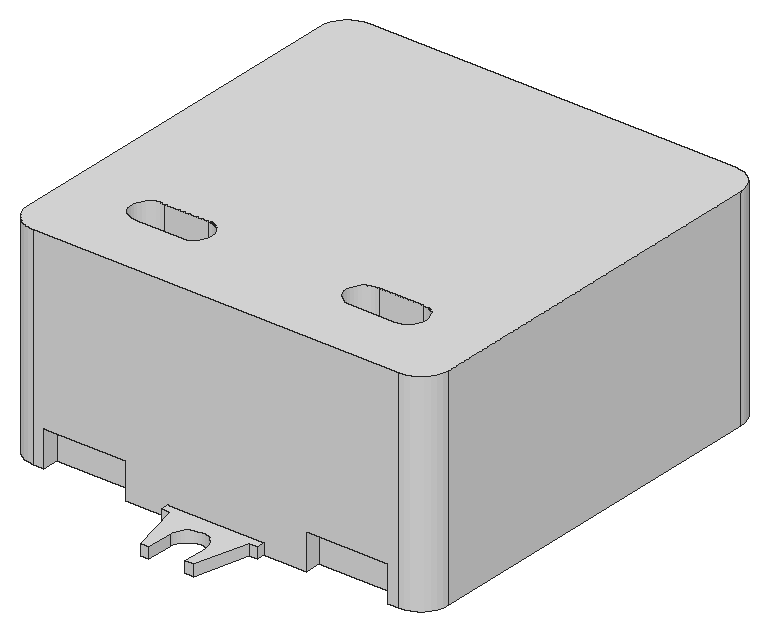
Revit family "LH3503W", category Luminarias, Revit 2019
Family settings
  Cota de conector redondo = Diámetro de uso
  Tipo de pieza = Normal
  Se basa en plano de trabajo = Sí
  Siempre vertical = No
  Corte con vacíos al cargar = No
  Origen de luz = No
  Compartido = Sí
  Punto de cálculo de habitación = No
Parameters (values of type "FUENTE_LH3503W")
  Keynote = ""
  Modelo = "LH3503W"
  Lamp = ""
  Fabricante = "BRILLANT"
  Default Elevation = 1219.2 mm
  Descripción = "FUENTE DE ALIMENTACION CON UNA CAPACIDAD DE 3W, ALIMENTACION ENTRADA 100-240VAC/50-60Hz, SALIDA 3-9VDC, 350mA, TEMPERATURA DE OPERACIÓN: 20-50C, DIMENSIONES DE 40X40X20MM, IP 20."
  Comentarios de vataje = "3-9V//100-240V"
Reference planes
  plane 1 "Centro (Frontal/Posterior)": y = 0
  plane 2: z = 0
  plane 3 "Centro (Izquierda/Derecha)": x = 0
  plane 4: x = -20
  plane 5: x = 20
  plane 6: y = 20
  plane 7: y = -20
  plane 8: z = 20
Forms (mm)
  Extrusion 1, solid, material "acabado blanco"
    sketch origin (0, 0, 0) x (1, 0, 0) y (0, 1, 0)
      loop
        arc (-17.388, 20) -> (-19.235, 19.235) -> (-20, 17.388) r 2.612
        line (-20, 17.388) -> (-20, -17.388)
        arc (-20, -17.388) -> (-19.235, -19.235) -> (-17.388, -20) r 2.612
        line (-17.388, -20) -> (17.388, -20)
        arc (17.388, -20) -> (19.235, -19.235) -> (20, -17.388) r 2.612
        line (20, -17.388) -> (20, 17.388)
        arc (20, 17.388) -> (19.235, 19.235) -> (17.388, 20) r 2.612
        line (17.388, 20) -> (-17.388, 20)
    from 0 to 20
  Extrusion 2, void
    sketch origin (0, 0, 0) x (1, 0, 0) y (0, 0, 1)
      loop
        line (-16.356, 0) -> (-8.58, 0) -> (-8.58, 3.395) -> (-16.356, 3.395) -> (-16.356, 0)
      loop
        line (16.356, 0) -> (16.356, 3.395) -> (8.58, 3.395) -> (8.58, 0) -> (16.356, 0)
    from 18.463 to 20
  Extrusion 3, void
    sketch origin (0, 0, 0) x (1, 0, 0) y (0, 1, 0)
      loop
        arc (-12.321, -10.81) -> (-14.017, -12.505) -> (-12.321, -14.2) r 1.695
        line (-12.321, -14.2) -> (-8.105, -14.2)
        arc (-8.105, -14.2) -> (-6.41, -12.505) -> (-8.105, -10.81) r 1.695
        line (-8.105, -10.81) -> (-12.321, -10.81)
      loop
        line (12.321, -10.81) -> (8.105, -10.81)
        arc (8.105, -10.81) -> (6.41, -12.505) -> (8.105, -14.2) r 1.695
        line (8.105, -14.2) -> (12.321, -14.2)
        arc (12.321, -14.2) -> (14.017, -12.505) -> (12.321, -10.81) r 1.695
    from 17.474 to 20
  Extrusion 4, solid, material "acabado blanco"
    sketch origin (0, 0, 0) x (1, 0, 0) y (0, 1, 0)
      loop
        line (1.695, -23.393) -> (1.695, -25.835) -> (2.514, -25.835) -> (3.769, -20.8) -> (4.569, -20.8) -> (4.569, -20) -> (-4.569, -20) -> (-4.569, -20.8) -> (-3.769, -20.8) -> (-2.514, -25.835) -> (-1.695, -25.835) -> (-1.695, -23.393)
        arc (-1.695, -23.393) -> (0, -21.698) -> (1.695, -23.393) r 1.695
    from 0 to 1.049
Cuts and joins
  Extrusion 2, Extrusion 3 cuts Extrusion 1
Dimensions and locks
  equal spacing: plane 4, plane 3 "Centro (Izquierda/Derecha)", plane 5
  plane 4 to plane 3 "Centro (Izquierda/Derecha)" = 20 mm
  plane 4 to plane 5 = 40 mm
  equal spacing: plane 6, plane 1 "Centro (Frontal/Posterior)", plane 7
  plane 8 to level = 20 mm
  plane 1 "Centro (Frontal/Posterior)" to plane 6 = 20 mm
  plane 6 to plane 7 = 40 mm
  plane 5 to plane 4 = 40 mm
  aligned and locked: level to plane 2
  aligned and locked: Extrusion 1 sketch curve to plane 6
  aligned and locked: plane 4 to Extrusion 1 sketch curve
  aligned and locked: Extrusion 1 sketch curve to plane 5
  aligned and locked: plane 8 to Extrusion 1
  aligned and locked: Extrusion 2 to plane 7
  aligned and locked: plane 8 to Extrusion 3
Automatic sketch dimensions
  plane 4 to Extrusion 3 sketch curve = 7.679 mm
  Extrusion 3 sketch curve to Extrusion 3 sketch curve = 4.216 mm  (x2)
  plane 3 "Centro (Izquierda/Derecha)" to Extrusion 3 sketch curve = 8.105 mm
  plane 7 to Extrusion 3 sketch curve = 5.8 mm  (x2)
  Extrusion 3 sketch curve to Extrusion 3 sketch curve = 1.695 mm  (x2)
  Extrusion 4 sketch curve to plane 7 = 0 mm
  Extrusion 4 sketch curve to plane 3 "Centro (Izquierda/Derecha)" = 0 mm
  Extrusion 4 sketch curve to plane 3 "Centro (Izquierda/Derecha)" = 1.695 mm
  Extrusion 4 sketch curve to Extrusion 4 sketch curve = 0.819 mm  (x2)
  Extrusion 4 sketch curve to plane 7 = 0.8 mm  (x2)
  Extrusion 4 sketch curve to Extrusion 4 sketch curve = 2.074 mm  (x2)
  Extrusion 4 sketch curve to Extrusion 4 sketch curve = 0.8 mm  (x2)
  Extrusion 4 sketch curve to plane 7 = 3.393 mm
  Extrusion 4 sketch curve to Extrusion 4 sketch curve = 2.442 mm  (x2)
  Extrusion 1 sketch curve to plane 7 = 0 mm
  plane 7 to Extrusion 1 sketch curve = 2.612 mm
  Extrusion 1 sketch curve to Extrusion 1 sketch curve = 2.612 mm
  Extrusion 1 sketch curve to plane 5 = 2.612 mm  (x2)
  Extrusion 2 sketch curve to level = 0 mm  (x2)
  plane 4 to Extrusion 2 sketch curve = 3.644 mm
  level to Extrusion 2 sketch curve = 3.395 mm  (x2)
  Extrusion 2 sketch curve to Extrusion 2 sketch curve = 7.777 mm
  plane 3 "Centro (Izquierda/Derecha)" to Extrusion 2 sketch curve = 8.58 mm
  Extrusion 2 sketch curve to plane 5 = 3.644 mm
Connectors
  electrical at (0, -20, 4.465)
    settings: on cut or joined group of Extrusion 1, Extrusion 2, Extrusion 3, index 1, voltage 240 V, apparent load 0 VA, apparent load phase1 0 VA, apparent load phase2 0 VA, apparent load phase3 0 VA, power factor 1, load classification "Otro", number of poles 1, system type 31, power factor state 1, is connector primary yes, connector utility no, sub classification motor no, connector description ""
